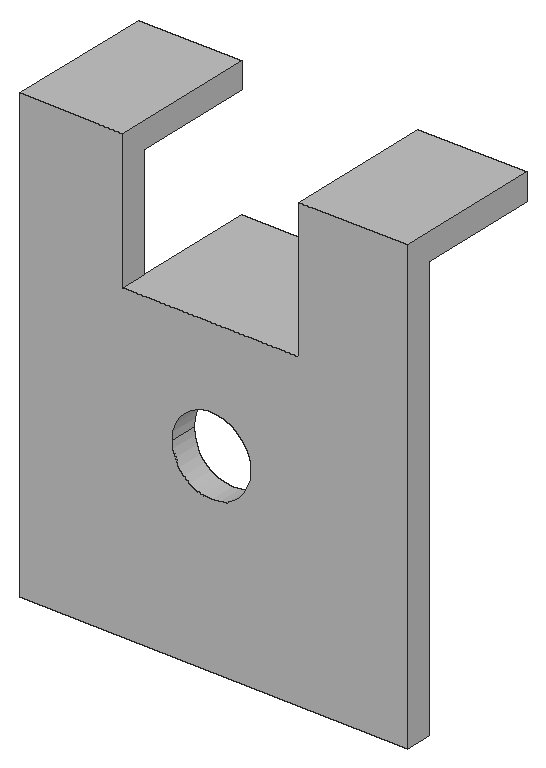
Revit family "221010023038804", category Modelos genéricos, Revit 2019
Family settings
  Puede alojar armadura = No
  Cota de conector redondo = Diámetro de uso
  Tipo de pieza = Normal
  Se basa en plano de trabajo = No
  Siempre vertical = No
  Corte con vacíos al cargar = No
  Compartido = No
  Punto de cálculo de habitación = No
Parameters (values of type "PERNO CLIP INICIO RAINBODECK ACERO INOX N2 NEGRO")
  Ventajas = ""
  Uso = ""
  Unidad = "Por unidad."
  URL = "https://www.empresascnp.cl/"
  Num SKUs = "221010023038804"
  Nombre SKU = "PERNO CLIP INICIO RAINBODECK ACERO INOX N2 NEGRO"
  Modelo = "PERNO CLIP INICIO RAINBODECK"
  Material = Acero inoxidable
  Url Ficha tecnica = "https://empresascnp.cl/wp-content/uploads//pdf/ficha-tecnica-perno-clip-inicio-rainbodeck-acero-inox-n2-negro.pdf"
  Espesor = 0.00 mm
  Empresa = "CNP SPA."
  Dureza = ""
  Dimension = 0.00 mm
  Description = ""
  Contacto = "info@empresascnp.cl"
  Color = "Negro"
  Aplicacion = "Perno requerido para la instalación de las tablas de Deck de WPC"
Reference planes
  plane 1 "Center F/B": y = 0
  plane 2: z = 0
  plane 3 "Center L/R": x = 0
  plane 4: z = 0
Forms (mm)
  Extrusion 1, solid, material "Acero inoxidable" <- "Material"
    sketch origin (0, 0, 0) x (0, 1, 0) y (0, 0, 1)
      loop
        line (0, 0) -> (0, 12.813) -> (3.694, 12.813) -> (3.694, 13.613) -> (-0.8, 13.613) -> (-0.8, 0) -> (0, 0)
    from -3.097 to 8.598
  Extrusion 2, void
    sketch origin (0, 0, 0) x (1, 0, 0) y (0, 0, 1)
      loop
        line (5.316, 14.677) -> (0, 14.677) -> (0, 8.644) -> (5.316, 8.644) -> (5.316, 14.677)
      loop
        circle (2.692, 5.84) r 1.191
    from -4.75 to 5
  Extrusion 3, solid, material "Acero inoxidable" <- "Material"
    sketch origin (0, 0, -4.168) x (0, 1, 0) y (0, 0, 1)
      loop
        line (-0.8, 12.812) -> (3.694, 12.813) -> (3.694, 13.613) -> (-0.8, 13.612) -> (-0.8, 12.812)
    from 0 to 5.316
Cuts and joins
  Extrusion 2 cuts Extrusion 1
  joined: Extrusion 1, Extrusion 3
